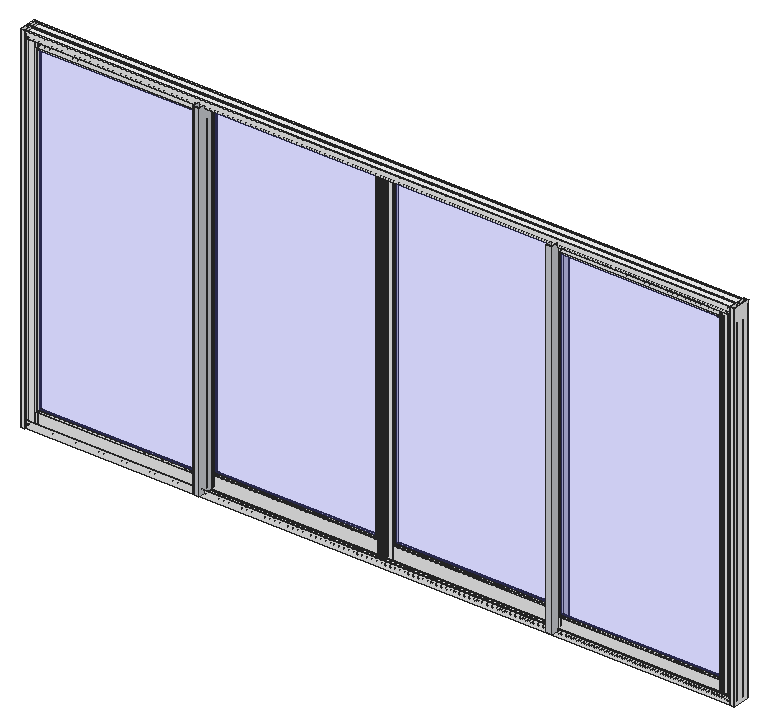
Revit family "Palace_Multi_OXXO_Standard", category Doors, host Wall, Revit 2014
Parameters (values of type "Palace-6024OXXO-2000Pa")
  Windload Design = if(Custom Windload < 1001 mm, 1000 mm, if(Custom Windload < 1501 mm, 1500 mm, 2000 mm))  # 2000 mm
  Width Sash Side [instance] = 1200.5 mm
  Width Sash Middle [instance] = 1200.5 mm
  Width = if(Custom Door Width < Limit Door Width Min, Limit Door Width Min, if(Custom Door Width > Limit Door Width Max, Limit Door Width Max, Custom Door Width))  # 4790 mm
  Wall Thickness [instance] = 200 mm
  URL = "http://www.crealco.co.za/crealco-products.php"
  Toughened Safety U Value = 6.02
  Toughened Safety SHGC Value = 0.725
  Thermal Resistance (R) [instance] = if(IGDB or SAGDB Number = 1000016, 1.0000 (m²·K)/W / Toughened Safety U Value, if(IGDB or SAGDB Number = 100100, 1.0000 (m²·K)/W / Intruderprufe U Value, if(IGDB or SAGDB Number = 103200, 1.0000 (m²·K)/W / Intruderprufe LowE U Value, if(IGDB or SAGDB Number = 105003, 1.0000 (m²·K)/W / Intruderprufe Insulated U Value, if(IGDB or SAGDB Number = 105004, 1.0000 (m²·K)/W / Intruderprufe Insulated LowE U Value, 1.0000 (m²·K)/W / 7.9))))) * 1  # 0.126582 (m²·K)/W
  Solar Heat Gain Coefficient [instance] = if(IGDB or SAGDB Number = 1000016, Toughened Safety SHGC Value, if(IGDB or SAGDB Number = 100100, Intruderprufe SHGC Value, if(IGDB or SAGDB Number = 103200, Intruderprufe LowE SHGC Value, if(IGDB or SAGDB Number = 105003, Intruderprufe Insulated SHGC Value, if(IGDB or SAGDB Number = 105004, Intruderprufe Insulated LowE SHGC Value, 0)))))  # 0
  Single Glazing [instance] = not(Double Glazing)  # yes
  Sash Width Middle = (Width - (Sash Side Gap * 2) - (2 * Sash Width Sides)) / 2 + 39 mm  # 1200.5 mm
  Sash Width Sides = if(Equal Sash Width, (Width - (2 * Sash Side Gap)) / 4 + (39 mm / 2), if(Custom Sash Width Side < Limit Sash Width Side Min, Limit Sash Width Side Min, if(Custom Sash Width Side > Limit Sash Width Side Max, Limit Sash Width Side Max, Custom Sash Width Side)))  # 1200.5 mm
  Sash Sliding Frame Front Back Gap = 9.5 mm  # constant formula
  Sash Height = Height - Sash Bottom Gap - Sash Top Gap  # 2331 mm
  Sash Top Gap = 28 mm  # constant formula
  Sash Side Gap = 33 mm  # constant formula
  Sash Frame Seal = 2.7 mm  # constant formula
  Sash Bottom Gap = 31 mm  # constant formula
  Overall Width [instance] = 4790 mm
  Overall Height [instance] = 2390 mm
  Model = "Palace"  # constant formula
  Meeting Stile Configuration = if(Windload Design = 1000 mm, if(and(not(Width > 3590 mm), not(Height > 2090 mm)), 0 mm, 1 mm), if(Windload Design = 1500 mm, 1 mm, 1 mm))  # 1 mm
  Max System DG Unit Thickness = 25 mm  # constant formula
  Max System DG One Piece Thickness = rounddown((Max System DG Unit Thickness - DG Air Gap Thickness) / 2 mm) * 1 mm  # 6 mm
  Max Pane Area = if(Area Middle Sash Glazing > Area Side Sash Glazing, Area Middle Sash Glazing, Area Side Sash Glazing)  # 2.38383 m²
  Manufacturer = "Crealco"  # constant formula
  Limit Door Width Min = (4 * Limit Sash Width Min) + (2 * Sash Side Gap) - (2 * 39 mm)  # 1188 mm
  Limit Door Width Max = if(Windload Design = 1000 mm, 5990 mm, if(Windload Design = 1500 mm, 5990 mm, if(Height > 2090 mm, 4790 mm, 5990 mm)))  # 4790 mm
  Limit Door Height Min = Limit Sash Height Min + Sash Top Gap + Sash Bottom Gap  # 359 mm
  Limit Door Height Max = 2390 mm  # constant formula
  Limit Sash Width Min = 300 mm  # constant formula
  Limit Sash Width Max = 1500 mm  # constant formula
  Limit Sash Width Side Min = if((Width - (2 * Sash Side Gap) - (2 * Limit Sash Width Max) + (2 * 39 mm)) / 2 < Limit Sash Width Min, Limit Sash Width Min, (Width - (Sash Side Gap * 2) - (2 * Limit Sash Width Max) + (2 * 39 mm)) / 2)  # 901 mm
  Limit Sash Width Side Max = if((Width - (2 * Sash Side Gap) - (2 * Limit Sash Width Min) + (2 * 39 mm)) / 2 > Limit Sash Width Max, Limit Sash Width Max, (Width - (Sash Side Gap * 2) - (2 * Limit Sash Width Min) + (2 mm * 39)) / 2)  # 1500 mm
  Limit Sash Height Min = 300 mm  # constant formula
  Limit Sash Height Max = 2400 mm  # constant formula
  Intruderprufe U Value = 7.9
  Intruderprufe SHGC Value = 0
  Intruderprufe LowE U Value = 7.9
  Intruderprufe LowE SHGC Value = 0
  Intruderprufe Insulated U Value = 3.4
  Intruderprufe Insulated SHGC Value = 0.59
  Intruderprufe Insulated LowE U Value = 2.77
  Intruderprufe Insulated LowE SHGC Value = 0.533
  Interlock Configuration = if(Windload Design = 1000 mm, if(and(not(Width > 3590 mm), not(Height > 2090 mm)), 0 mm, 1 mm), if(Windload Design = 1500 mm, 1 mm, 1 mm))  # 1 mm
  IGDB or SAGDB Number [instance] = 0
  Height Sash [instance] = 2331 mm
  Height = if(Custom Door Height < Limit Door Height Min, Limit Door Height Min, if(Custom Door Height > Limit Door Height Max, Limit Door Height Max, Custom Door Height))  # 2390 mm
  Heat Transfer Coefficient (U) [instance] = if(IGDB or SAGDB Number = 1000016, Toughened Safety U Value, if(IGDB or SAGDB Number = 100100, Intruderprufe U Value, if(IGDB or SAGDB Number = 103200, Intruderprufe LowE U Value, if(IGDB or SAGDB Number = 105003, Intruderprufe Insulated U Value, if(IGDB or SAGDB Number = 105004, Intruderprufe Insulated LowE U Value, 7.9))))) * 1.0000 W/(m²·K)  # 7.9000 W/(m²·K)
  Glazing Thickness DG [instance] = if(IGDB or SAGDB Number = 105003, 6 mm, if(IGDB or SAGDB Number = 105004, 7 mm, if(DG Thickness Calc > Max System DG One Piece Thickness, Max System DG One Piece Thickness, DG Thickness Calc)))  # 6 mm
  Glazing Thickness SG [instance] = if(IGDB or SAGDB Number = 1000016, 5 mm, if(IGDB or SAGDB Number = 100100, 6 mm, if(IGDB or SAGDB Number = 103200, 7 mm, if(not(Max Pane Area > 0.75 m²), 4 mm, if(not(Max Pane Area > 1.50 m²), 4 mm, if(not(Max Pane Area > 2.10 m²), 5 mm, if(not(Max Pane Area > 2.90 m²), 6.4 mm, if(not(Max Pane Area > 4.30 m²), 8 mm, 10 mm))))))))  # 6.4 mm
  Glazing Material [instance] = if(IGDB or SAGDB Number = 1000016, "PFG TOUGHENED SAFETY GLASS 5mm", if(IGDB or SAGDB Number = 100100, "PFG INTRUDERPRUFE 6.38mm", if(IGDB or SAGDB Number = 103200, "PFG INTRUDERPRUFE LOW-E 7.38mm", if(IGDB or SAGDB Number = 105003, "PFG 25mm INTRUDERPRUFE INSULATED GLASS", if(IGDB or SAGDB Number = 105004, "PFG 25mm INTRUDERPRUFE INSULATED GLASS LOW-E", "Unknown")))))  # "Unknown"
  Glazing Finish [instance] = Glass
  Glazing Code [instance] = if(IGDB or SAGDB Number = 1000016, "TSG5", if(IGDB or SAGDB Number = 100100, "LAM01", if(IGDB or SAGDB Number = 103200, "LAM01E", if(IGDB or SAGDB Number = 105003, "IGU25", if(IGDB or SAGDB Number = 105004, "IGU25E", "Unknown")))))  # "Unknown"
  Frame Thickness = 118 mm  # constant formula
  Frame Offset From Exterior [instance] = Frame Thickness / 2  # 59 mm
  Equal Sash Width = yes
  Double Glazing Gasket Material = Double Glazing Gasket Material
  Double Glazing [instance] = no
  Description = "High performance sliding door, OXXO"  # constant formula
  Default Sill Height = 0 mm  # constant formula
  Wall Closure = By host
  DG Thickness Calc = if(not(Max Pane Area > 1.125 m²), 6 mm, if(not(Max Pane Area > 2.25 m²), 6 mm, if(not(Max Pane Area > 3.15 m²), 6 mm, if(not(Max Pane Area > 4.35 m²), 6 mm, if(not(Max Pane Area > 6.45 m²), 8 mm, 10 mm)))))  # 6 mm
  DG Air Gap Thickness = 12 mm  # constant formula
  Custom Door Width = 5990 mm
  Custom Door Height = 2390 mm
  Custom Windload = 2000 mm
  Custom Sash Width Side = 800 mm
  Custom Frame Offset From Exterior = 0 mm
  Centered In Wall = yes
  Area Middle Sash Glazing = (Sash Width Middle - 65 mm - 45 mm) * (Sash Height - 90 mm - 55 mm)  # 2.38383 m²
  Area Side Sash Glazing = (Sash Width Sides - 65 mm - 45 mm) * (Sash Height - 90 mm - 55 mm)  # 2.38383 m²
  Aluminium Finish [instance] = White Powder Coated Aluminium ANP 1052
  All Available Glazing Numbers [instance] = "The rows below list the available glazing materials for this window:"  # constant formula
  105004 [instance] = "IGU25E"  # constant formula
  105003 [instance] = "IGU25"  # constant formula
  103200 [instance] = "LAM01E"  # constant formula
  100100 [instance] = "LAM01"  # constant formula
  1000016 [instance] = "TSG5"  # constant formula
Reference planes
  plane 1 "Center (Front/Back)": y = 0
  plane 2 "Center (Left/Right)": x = 0
  plane 3 "Left": x = -2395
  plane 4 "Right": x = 2395
  plane 5 "Sill": z = 0
  plane 6 "Head": z = 2390
  plane 7 "Exterior": y = 100
  plane 8 "Interior": y = -100
Lines and regions (mm)
  Opening 1
    outline origin (3500, -100, 0) x (1, 0, 0) y (0, 0, 1)
      loop
        line (-1105, 0) -> (-1105, 2390) -> (-5895, 2390) -> (-5895, 0) -> (-1105, 0)
Text (mm)
  text "EXTERIOR" at (-1963.203, 1332.353, 0), in view "Ref. Level"
  text "INTERIOR" at (-1981.466, -818.386, 0), in view "Ref. Level"
  text "Exterior" at (0, 923.751, 2943.296), in view "Right"
  text "Exterior" at (0, 1040.484, 2685.409), in view "Left"
Dimensions and locks
  equal spacing: plane 3 "Left", plane 2 "Center (Left/Right)", plane 4 "Right"
  "Width": plane 3 "Left" to plane 4 "Right"
  "Height": plane 5 "Sill" to plane 6 "Head"
  "Default Sill Height": plane 5 "Sill" to level
  locked: plane 7 "Exterior" to host wall at 0
  locked: plane 8 "Interior" to host wall
  "Overall Height": plane 6 "Head" to plane 5 "Sill"
  "Overall Width": plane 3 "Left" to plane 4 "Right"
  "Frame Offset From Exterior": host wall to nested 1
  "Sash Side Gap": plane 3 "Left" to nested 2
  "Sash Frame Seal": nested 2 to nested 1
  "Sash Side Gap": nested 3 to plane 4 "Right"
  "Sash Frame Seal": nested 1 to nested 3
  "Sash Top Gap": nested 2 to plane 6 "Head"
  "Sash Top Gap": nested 3 to plane 6 "Head"
  "Sash Sliding Frame Front Back Gap": nested 4 to nested 1
  "Sash Top Gap": nested 4 to plane 6 "Head"
  "Sash Sliding Frame Front Back Gap": nested 1 to nested 5
  "Width Sash Side": nested 3 to nested 3
  "Height Sash": nested 3 to nested 3
  "Width Sash Middle": nested 5 to nested 5
  aligned and locked: plane 3 "Left" to nested 1
  aligned and locked: nested 1 to plane 6 "Head"
  aligned and locked: nested 4 to nested 3
  aligned and locked: nested 5 to nested 2
Automatic sketch dimensions
  plane 3 "Left" to Opening 1 sketch curve = 0 mm
  plane 4 "Right" to Opening 1 sketch curve = 0 mm
  Opening 1 sketch curve to plane 5 "Sill" = 0 mm
  Opening 1 sketch curve to plane 6 "Head" = 0 mm
Nested families
  nested 1: "Palace_Frame_Palace_OXXO_Std" at (-2403.868, -56.684, -7.5), Profile Material <- "Aluminium Finish", Width <- "Width", Height <- "Height", type "Palace_Frame_Palace_OXXO_Std"
    with Width 4790 mm, Profile Material White Powder Coated Aluminium ANP 1052, Length Jamb Adaptor 2295 mm, Length Jamb 2390 mm, Length Head & Sill 4730 mm, Length Floor Track 4730 mm, Height 2390 mm
  nested 2: "Palace_Sash_Fixed_Palace_OXXO_Std" at (-1161.5, -5.5, 31), Profile Material <- "Aluminium Finish", Glazing Material <- "Glazing Finish", Double Glazing Gasket Material <- "Double Glazing Gasket Material", Interlock Configuration <- "Interlock Configuration", Sash Width <- "Sash Width Sides", Sash Height <- "Sash Height", Glazing Thickness DG <- "Glazing Thickness DG", Glazing Thickness SG <- "Glazing Thickness SG", DG Gasket Thickness <- "DG Air Gap Thickness", Double Glazing <- "Double Glazing", type "Palace_Sash_Fixed_Palace_OXXO_Std"
    with Standard Interlocker no, Single Glazing yes, Sash Width 1200.5 mm, Sash Height 2331 mm, SG Exterior Offset 26.65 mm, Right Sliding no, Profile Material White Powder Coated Aluminium ANP 1052, Length Sash Head & Sill 1100.5 mm, Length Jamb 2331 mm, Left Sliding no, Is Sliding no, Interlock Configuration 1 mm, Heavy Duty Interlock yes, Glazing Width 1090.5 mm, Glazing Thickness SG 6.4 mm, Glazing Thickness DG 6 mm, Glazing Material Glass, Glazing Height 2186 mm, Double Glazing Gasket Material Double Glazing Gasket Material, Double Glazing no, DG Gasket Thickness 12 mm, DG Exterior Offset 9.9 mm, Bead Width 1100.5 mm, Bead Height 2196 mm
  nested 3: "Palace_Sash_Fixed_Palace_OXXO_Std" at (1161.5, -5.5, 31) x (-1, 0, 0) z (0, 0, 1), Profile Material <- "Aluminium Finish", Glazing Material <- "Glazing Finish", Double Glazing Gasket Material <- "Double Glazing Gasket Material", Interlock Configuration <- "Interlock Configuration", Sash Width <- "Sash Width Sides", Sash Height <- "Sash Height", Glazing Thickness DG <- "Glazing Thickness DG", Glazing Thickness SG <- "Glazing Thickness SG", DG Gasket Thickness <- "DG Air Gap Thickness", Double Glazing <- "Double Glazing", type "Palace_Sash_Fixed_Palace_OXXO_Std"
    with Standard Interlocker no, Single Glazing yes, Sash Width 1200.5 mm, Sash Height 2331 mm, SG Exterior Offset 26.65 mm, Right Sliding no, Profile Material White Powder Coated Aluminium ANP 1052, Length Sash Head & Sill 1100.5 mm, Length Jamb 2331 mm, Left Sliding no, Is Sliding no, Interlock Configuration 1 mm, Heavy Duty Interlock yes, Glazing Width 1090.5 mm, Glazing Thickness SG 6.4 mm, Glazing Thickness DG 6 mm, Glazing Material Glass, Glazing Height 2186 mm, Double Glazing Gasket Material Double Glazing Gasket Material, Double Glazing no, DG Gasket Thickness 12 mm, DG Exterior Offset 9.9 mm, Bead Width 1100.5 mm, Bead Height 2196 mm
  nested 4: "Palace_Sash_Meeting_Palace_OXXO_Std" at (1201.5, 49.5, 31), Profile Material <- "Aluminium Finish", Glazing Material <- "Glazing Finish", Double Glazing Gasket Material <- "Double Glazing Gasket Material", Interlock Configuration <- "Interlock Configuration", Sash Width <- "Sash Width Middle", Sash Height <- "Sash Height", Glazing Thickness DG <- "Glazing Thickness DG", Glazing Thickness SG <- "Glazing Thickness SG", DG Gasket Thickness <- "DG Air Gap Thickness", Meeting Stile Configuration <- "Meeting Stile Configuration", Double Glazing <- "Double Glazing", type "Palace_Sash_Meeting_Palace_OXXO_Std"
    with Standard Interlocker yes, Standard Astragal no, Single Glazing yes, Sash Width 1200.5 mm, Sash Height 2331 mm, SG Exterior Offset 26.65 mm, Right Sliding yes, Profile Material White Powder Coated Aluminium ANP 1052, Meeting Stile Configuration 1 mm, Length Sash Head & Sill 1110.5 mm, Length Jamb & Interlocker 2331 mm, Left Sliding no, Is Sliding yes, Interlock Configuration 1 mm, Heavy Duty Interlock no, Heavy Duty Astragal yes, Has Astragal yes, Glazing Width 1100.5 mm, Glazing Thickness SG 6.4 mm, Glazing Thickness DG 6 mm, Glazing Material Glass, Glazing Height 2186 mm, Double Glazing Gasket Material Double Glazing Gasket Material, Double Glazing no, DG Gasket Thickness 12 mm, DG Exterior Offset 9.9 mm, Bead Width 1110.5 mm, Bead Height 2196 mm
  nested 5: "Palace_Sash_Meeting_Palace_OXXO_Std" at (-1201.5, 49.5, 31) x (-1, 0, 0) z (0, 0, 1), Profile Material <- "Aluminium Finish", Glazing Material <- "Glazing Finish", Double Glazing Gasket Material <- "Double Glazing Gasket Material", Interlock Configuration <- "Interlock Configuration", Sash Width <- "Sash Width Middle", Sash Height <- "Sash Height", Glazing Thickness DG <- "Glazing Thickness DG", Glazing Thickness SG <- "Glazing Thickness SG", DG Gasket Thickness <- "DG Air Gap Thickness", Meeting Stile Configuration <- "Meeting Stile Configuration", Double Glazing <- "Double Glazing", type "Palace_Sash_Meeting_Palace_OXXO_Std"
    with Standard Interlocker yes, Standard Astragal no, Single Glazing yes, Sash Width 1200.5 mm, Sash Height 2331 mm, SG Exterior Offset 26.65 mm, Right Sliding yes, Profile Material White Powder Coated Aluminium ANP 1052, Meeting Stile Configuration 1 mm, Length Sash Head & Sill 1110.5 mm, Length Jamb & Interlocker 2331 mm, Left Sliding no, Is Sliding yes, Interlock Configuration 1 mm, Heavy Duty Interlock no, Heavy Duty Astragal no, Has Astragal no, Glazing Width 1100.5 mm, Glazing Thickness SG 6.4 mm, Glazing Thickness DG 6 mm, Glazing Material Glass, Glazing Height 2186 mm, Double Glazing Gasket Material Double Glazing Gasket Material, Double Glazing no, DG Gasket Thickness 12 mm, DG Exterior Offset 9.9 mm, Bead Width 1110.5 mm, Bead Height 2196 mm
  nested 6: "Single_Glazing_Palace_OXXO_Std" at (-2297, -38.55, 121) x (-1, 0, 0) z (0, 0, 1), type "Single_Glazing_Palace_OXXO_Std"
    with Right Sliding no, Length Arrow Tip 99.99 mm, Length Arrow 329.967 mm, Left Sliding no, Is Sliding no, Glazing Width 1090.5 mm, Glazing Thickness SG 6.4 mm, Glazing Material Glass, Glazing Height 2186 mm, Double Glazing Gasket Material Double Glazing Gasket Material, Arrow Tip Length 99.99 mm, Arrow Left Gap 380.267 mm, Arrow Bottom Gap 1093 mm
  nested 7: "Single_Glazing_Palace_OXXO_Std" at (2297, -38.55, 121), type "Single_Glazing_Palace_OXXO_Std"
    with Right Sliding no, Length Arrow Tip 99.99 mm, Length Arrow 329.967 mm, Left Sliding no, Is Sliding no, Glazing Width 1090.5 mm, Glazing Thickness SG 6.4 mm, Glazing Material Glass, Glazing Height 2186 mm, Double Glazing Gasket Material Double Glazing Gasket Material, Arrow Tip Length 99.99 mm, Arrow Left Gap 380.267 mm, Arrow Bottom Gap 1093 mm
  nested 8: "Single_Glazing_Palace_OXXO_Std" at (56, 16.45, 121) x (-1, 0, 0) z (0, 0, 1), type "Single_Glazing_Palace_OXXO_Std"
    with Right Sliding yes, Length Arrow Tip 101 mm, Length Arrow 333.3 mm, Left Sliding no, Is Sliding yes, Glazing Width 1100.5 mm, Glazing Thickness SG 6.4 mm, Glazing Material Glass, Glazing Height 2186 mm, Double Glazing Gasket Material Double Glazing Gasket Material, Arrow Tip Length 101 mm, Arrow Left Gap 383.6 mm, Arrow Bottom Gap 1093 mm
  nested 9: "Single_Glazing_Palace_OXXO_Std" at (-56, 16.45, 121), type "Single_Glazing_Palace_OXXO_Std"
    with Right Sliding yes, Length Arrow Tip 101 mm, Length Arrow 333.3 mm, Left Sliding no, Is Sliding yes, Glazing Width 1100.5 mm, Glazing Thickness SG 6.4 mm, Glazing Material Glass, Glazing Height 2186 mm, Double Glazing Gasket Material Double Glazing Gasket Material, Arrow Tip Length 101 mm, Arrow Left Gap 383.6 mm, Arrow Bottom Gap 1093 mm
Definition of nested family "Palace_Frame_Palace_OXXO_Std"
  Parameters (values of type "Palace_Frame_OXXO")
    Width [instance] = 900 mm
    Profile Material [instance] = none
    Length Jamb Adaptor [instance] = Height - Jamb Adaptor Top Gap - Jamb Adaptor Bottom Gap  # 505 mm
    Length Jamb [instance] = Height  # 600 mm
    Length Head & Sill [instance] = Width - (2 * Jamb Thickness)  # 840 mm
    Length Floor Track [instance] = Width - (2 * Jamb Thickness)  # 840 mm
    Jamb Thickness = 30 mm  # constant formula
    Jamb Adaptor Top Gap = 45 mm  # constant formula
    Jamb Adaptor Bottom Gap = 50 mm  # constant formula
    Height [instance] = 600 mm
  Reference planes
    plane 1 "Center (Front/Back)": y = 0
    plane 2: z = 0
    plane 3 "Center (Left/Right)": x = 0
  Dimensions and locks
    nested 7 to plane 3 "Center (Left/Right)" = 38.869 mm
    aligned and locked: level to plane 2
    aligned and locked: nested 2 to nested 6
    aligned and locked: nested 5 to nested 1  (x2)
    aligned and locked: nested 3 to nested 1  (x2)
    aligned and locked: nested 2 to nested 3  (x2)
    aligned and locked: nested 3 to nested 2
    aligned and locked: nested 4 to nested 1  (x3)
    aligned and locked: nested 1 to nested 3
    aligned and locked: nested 7 to nested 3  (x2)
    aligned and locked: nested 3 to nested 8
    aligned and locked: nested 8 to nested 3  (x2)
    aligned and locked: nested 3 to nested 7
    aligned and locked: nested 5 to nested 4
    aligned and locked: nested 6 to nested 4
    aligned and locked: nested 6 to nested 2
  Nested families
    nested 1: "Palace_Double_Box_Jamb" at (1.053, -8.811, 7.5), Length Jamb <- "Length Jamb", Profile Material <- "Profile Material", type "Palace_Double_Box_Jamb"
      with Profile Material none, Length Jamb 600 mm
    nested 2: "Palace_Double_Box_Jamb" at (916.684, -8.811, 7.5) x (-1, 0, 0) z (0, 0, 1), Length Jamb <- "Length Jamb", Profile Material <- "Profile Material", type "Palace_Double_Box_Jamb"
      with Profile Material none, Length Jamb 600 mm
    nested 3: "Palace_Double_Sill_Rail" at (38.869, -45.047, -36.227), Length Sill <- "Length Head & Sill", Profile Material <- "Profile Material", type "Palace_Double_Sill_Rail"
      with Profile Material none, Length Sill 840 mm
    nested 4: "Palace_Double_Head_Rail" at (38.869, -51.007, 18.108), Length Head <- "Length Head & Sill", Profile Material <- "Profile Material", type "Palace_Double_Head_Rail"
      with Profile Material none, Length Head 840 mm
    nested 5: "Palace_Jamb_Adpator" at (33.82, -10.517, 57.5), Length Jamb Adaptor <- "Length Jamb Adaptor", Profile Material <- "Profile Material", type "Palace_Jamb_Adpator"
      with Profile Material none, Length Jamb Adaptor 505 mm
    nested 6: "Palace_Jamb_Adpator" at (883.918, -10.517, 57.5) x (-1, 0, 0) z (0, 0, 1), Length Jamb Adaptor <- "Length Jamb Adaptor", Profile Material <- "Profile Material", type "Palace_Jamb_Adpator"
      with Profile Material none, Length Jamb Adaptor 505 mm
    nested 7: "Palace_Floor_Track" at (38.869, 11.493, 18.85), Profile Material <- "Profile Material", Length Floor Track <- "Length Floor Track", type "Palace_Floor_Track"
      with Profile Material none, Length Floor Track 840 mm
    nested 8: "Palace_Floor_Track" at (38.869, 101.375, 18.85), Profile Material <- "Profile Material", Length Floor Track <- "Length Floor Track", type "Palace_Floor_Track"
      with Profile Material none, Length Floor Track 840 mm
  Definition of nested family "Palace_Double_Box_Jamb"
    Parameters (values of type "Palace_Double_Box_Jamb")
      Profile Material [instance] = none
      Length Jamb [instance] = 250 mm
    Reference planes
      plane 1 "Center (Front/Back)": y = 0
      plane 2: z = 0
      plane 3 "Center (Left/Right)": x = 0
    Forms (mm)
      Extrusion 1, solid, material <- "Profile Material"
        sketch origin (0, 0, 0) x (1, 0, 0) y (0, 1, 0)
          loop
            line (35.815, 71.242) -> (35.815, 114.749)
            arc (35.815, 114.749) -> (35.945, 115.42) -> (36.315, 115.994) r 1.8
            line (36.315, 115.994) -> (36.315, 122.995) -> (9.315, 122.995) -> (9.315, 66.195) -> (36.315, 66.195) -> (36.315, 69.997)
            arc (36.315, 69.997) -> (35.945, 70.571) -> (35.815, 71.242) r 1.8
          loop
            line (8.815, 6.495) -> (38.815, 6.495) -> (38.815, 7.495) -> (37.816, 7.495) -> (37.816, 15.287) -> (37.315, 16.242) -> (37.315, 59.822) -> (37.815, 60.775) -> (37.815, 70.288) -> (37.315, 71.242) -> (37.315, 114.822) -> (37.815, 115.775) -> (37.815, 123.495) -> (38.815, 123.495) -> (38.815, 124.495) -> (8.815, 124.495)
            arc (8.815, 124.495) -> (8.108, 124.202) -> (7.815, 123.495) r 1
            line (7.815, 123.495) -> (7.815, 7.495)
            arc (7.815, 7.495) -> (8.108, 6.788) -> (8.815, 6.495) r 1
          loop
            line (36.315, 60.994) -> (36.315, 64.795) -> (9.315, 64.795) -> (9.315, 7.995) -> (36.317, 7.995) -> (36.317, 14.995)
            arc (36.317, 14.995) -> (35.945, 15.569) -> (35.815, 16.242) r 1.8
            line (35.815, 16.242) -> (35.815, 59.749)
            arc (35.815, 59.749) -> (35.945, 60.42) -> (36.315, 60.994) r 1.8
        from 0 to 250 <- "Length Jamb"
    Dimensions and locks
      aligned and locked: level to plane 2
  Definition of nested family "Palace_Double_Sill_Rail"
    Parameters (values of type "Palace_Double_Sill_Rail")
      Profile Material [instance] = none
      Length Sill [instance] = 250 mm
    Reference planes
      plane 1 "Center (Front/Back)": y = 0
      plane 2: z = 0
      plane 3 "Center (Left/Right)": x = 0
    Forms (mm)
      Extrusion 1, solid, material <- "Profile Material"
        sketch origin (0, 0, 0) x (0, 1, 0) y (0, 0, 1)
          loop
            arc (48.531, 91.477) -> (49.031, 90.977) -> (49.531, 91.477) r 0.5
            line (49.531, 91.477) -> (49.531, 93.727) -> (43.731, 93.727) -> (43.731, 43.727) -> (49.531, 43.727) -> (49.531, 45.127) -> (45.531, 45.127) -> (45.531, 64.882)
            arc (45.531, 64.882) -> (45.842, 65.607) -> (46.583, 65.88) r 1
            line (46.583, 65.88) -> (57.096, 65.329)
            arc (57.096, 65.329) -> (58.577, 64.647) -> (59.181, 63.132) r 2.2
            line (59.181, 63.132) -> (59.181, 60.472)
            arc (59.181, 60.472) -> (59.796, 58.987) -> (61.281, 58.372) r 2.1
            line (61.281, 58.372) -> (83.695, 58.372)
            arc (83.695, 58.372) -> (84.71, 57.86) -> (85.831, 57.672) r 3.787
            line (85.831, 57.672) -> (87.581, 57.672)
            arc (87.581, 57.672) -> (89.961, 58.613) -> (91.165, 60.872) r 3.711
            line (91.165, 60.872) -> (100.931, 60.872) -> (100.931, 45.137) -> (98.931, 45.137) -> (98.931, 43.737) -> (104.531, 43.737) -> (104.531, 45.137) -> (102.531, 45.137) -> (102.531, 60.872) -> (114.181, 60.872) -> (114.181, 58.372) -> (138.695, 58.372)
            arc (138.695, 58.372) -> (139.71, 57.86) -> (140.831, 57.672) r 3.787
            line (140.831, 57.672) -> (142.581, 57.672)
            arc (142.581, 57.672) -> (144.881, 58.544) -> (146.13, 60.663) r 3.711
            line (146.13, 60.663) -> (157.931, 60.045) -> (157.931, 45.127) -> (153.931, 45.127) -> (153.931, 43.727) -> (159.731, 43.727) -> (159.731, 59.57)
            arc (159.731, 59.57) -> (159.099, 61.154) -> (157.551, 61.867) r 2.3
            line (157.551, 61.867) -> (142.481, 62.657) -> (142.481, 61.672) -> (144.38, 61.337)
            arc (144.38, 61.337) -> (143.876, 60.022) -> (142.581, 59.472) r 1.8
            line (142.581, 59.472) -> (140.831, 59.472)
            arc (140.831, 59.472) -> (140.037, 59.656) -> (139.406, 60.172) r 1.8
            line (139.406, 60.172) -> (115.981, 60.172) -> (115.981, 62.672) -> (87.481, 62.672) -> (87.481, 61.672) -> (89.38, 61.337)
            arc (89.38, 61.337) -> (88.876, 60.022) -> (87.581, 59.472) r 1.8
            line (87.581, 59.472) -> (85.831, 59.472)
            arc (85.831, 59.472) -> (85.037, 59.656) -> (84.406, 60.172) r 1.8
            line (84.406, 60.172) -> (60.981, 60.172) -> (60.981, 63.132)
            arc (60.981, 63.132) -> (59.882, 65.886) -> (57.19, 67.127) r 4
            line (57.19, 67.127) -> (46.478, 67.688)
            arc (46.478, 67.688) -> (45.805, 67.999) -> (45.531, 68.687) r 1
            line (45.531, 68.687) -> (45.531, 83.727) -> (49.531, 83.727) -> (49.531, 85.977)
            arc (49.531, 85.977) -> (49.031, 86.477) -> (48.531, 85.977) r 0.5
            line (48.531, 85.977) -> (48.531, 84.977) -> (47.331, 84.977) -> (47.331, 86.477) -> (45.731, 86.477) -> (45.731, 90.977) -> (47.331, 90.977) -> (47.331, 92.477) -> (48.531, 92.477) -> (48.531, 91.477)
        from 0 to 250 <- "Length Sill"
    Dimensions and locks
      aligned and locked: level to plane 2
  Definition of nested family "Palace_Double_Head_Rail"
    Parameters (values of type "Palace_Double_Head_Rail")
      Profile Material [instance] = none
      Length Head [instance] = 250 mm
    Reference planes
      plane 1 "Center (Front/Back)": y = 0
      plane 2: z = 0
      plane 3 "Center (Left/Right)": x = 0
    Forms (mm)
      Extrusion 1, solid, material <- "Profile Material"
        sketch origin (0, 0, 0) x (0, 1, 0) y (0, 0, 1)
          loop
            arc (51.891, 581.192) -> (51.467, 581.368) -> (51.291, 581.792) r 0.6
            line (51.291, 581.792) -> (51.291, 587.392)
            arc (51.291, 587.392) -> (51.467, 587.816) -> (51.891, 587.992) r 0.6
            line (51.891, 587.992) -> (55.491, 587.992) -> (55.491, 589.392) -> (49.691, 589.392) -> (49.691, 544.392) -> (55.491, 544.392) -> (55.491, 546.642)
            arc (55.491, 546.642) -> (54.991, 547.142) -> (54.491, 546.642) r 0.5
            line (54.491, 546.642) -> (54.491, 545.642) -> (53.291, 545.642) -> (53.291, 547.142) -> (51.691, 547.142) -> (51.691, 551.642) -> (53.291, 551.642) -> (53.291, 553.142) -> (54.491, 553.142) -> (54.491, 552.142)
            arc (54.491, 552.142) -> (54.991, 551.642) -> (55.491, 552.142) r 0.5
            line (55.491, 552.142) -> (55.491, 554.392) -> (51.491, 554.392) -> (51.491, 579.392) -> (106.791, 579.392) -> (106.791, 554.392) -> (104.891, 554.392) -> (104.891, 552.142)
            arc (104.891, 552.142) -> (105.391, 551.642) -> (105.891, 552.142) r 0.5
            line (105.891, 552.142) -> (105.891, 553.142) -> (107.091, 553.142) -> (107.091, 545.642) -> (105.891, 545.642) -> (105.891, 546.642)
            arc (105.891, 546.642) -> (105.391, 547.142) -> (104.891, 546.642) r 0.5
            line (104.891, 546.642) -> (104.891, 544.392) -> (110.491, 544.392) -> (110.491, 546.642)
            arc (110.491, 546.642) -> (109.991, 547.142) -> (109.491, 546.642) r 0.5
            line (109.491, 546.642) -> (109.491, 545.642) -> (108.291, 545.642) -> (108.291, 553.142) -> (109.491, 553.142) -> (109.491, 552.142)
            arc (109.491, 552.142) -> (109.991, 551.642) -> (110.491, 552.142) r 0.5
            line (110.491, 552.142) -> (110.491, 554.392) -> (108.591, 554.392) -> (108.591, 579.392) -> (163.891, 579.392) -> (163.891, 554.392) -> (159.891, 554.392) -> (159.891, 552.142)
            arc (159.891, 552.142) -> (160.391, 551.642) -> (160.891, 552.142) r 0.5
            line (160.891, 552.142) -> (160.891, 553.142) -> (162.091, 553.142) -> (162.091, 551.642) -> (163.691, 551.642) -> (163.691, 547.142) -> (162.091, 547.142) -> (162.091, 545.642) -> (160.891, 545.642) -> (160.891, 546.642)
            arc (160.891, 546.642) -> (160.391, 547.142) -> (159.891, 546.642) r 0.5
            line (159.891, 546.642) -> (159.891, 544.392) -> (165.691, 544.392) -> (165.691, 589.392) -> (159.891, 589.392) -> (159.891, 587.992) -> (163.491, 587.992)
            arc (163.491, 587.992) -> (163.915, 587.816) -> (164.091, 587.392) r 0.6
            line (164.091, 587.392) -> (164.091, 581.792)
            arc (164.091, 581.792) -> (163.915, 581.368) -> (163.491, 581.192) r 0.6
            line (163.491, 581.192) -> (108.491, 581.192) -> (108.491, 587.992) -> (110.491, 587.992) -> (110.491, 589.392) -> (104.891, 589.392) -> (104.891, 587.992) -> (106.891, 587.992) -> (106.891, 581.192) -> (51.891, 581.192)
        from 0 to 250 <- "Length Head"
    Dimensions and locks
      aligned and locked: level to plane 2
  Definition of nested family "Palace_Jamb_Adpator"
    Parameters (values of type "Palace_Jamb_Adpator")
      Profile Material [instance] = none
      Length Jamb Adaptor [instance] = 250 mm
    Reference planes
      plane 1 "Center (Front/Back)": y = 0
      plane 2: z = 0
      plane 3 "Center (Left/Right)": x = 0
    Forms (mm)
      Extrusion 1, solid, material <- "Profile Material"
        sketch origin (0, 0, 0) x (1, 0, 0) y (0, 1, 0)
          loop
            line (12.699, 15.001) -> (10.449, 15.001) -> (10.449, 10.801) -> (6.449, 10.801) -> (6.449, 68.601) -> (10.449, 68.601) -> (10.449, 64.401) -> (12.699, 64.401)
            arc (12.699, 64.401) -> (13.199, 64.901) -> (12.699, 65.401) r 0.5
            line (12.699, 65.401) -> (11.699, 65.401) -> (11.699, 66.601) -> (13.199, 66.601) -> (13.199, 68.201) -> (17.699, 68.201) -> (17.699, 66.601) -> (19.199, 66.601) -> (19.199, 65.401) -> (18.199, 65.401)
            arc (18.199, 65.401) -> (17.699, 64.901) -> (18.199, 64.401) r 0.5
            line (18.199, 64.401) -> (20.449, 64.401) -> (20.449, 70.201) -> (5.049, 70.201) -> (5.049, 62.201) -> (4.589, 61.255) -> (4.589, 17.997) -> (5.049, 17.201) -> (5.049, 9.201) -> (20.449, 9.201) -> (20.449, 15.001) -> (18.199, 15.001)
            arc (18.199, 15.001) -> (17.699, 14.501) -> (18.199, 14.001) r 0.5
            line (18.199, 14.001) -> (19.199, 14.001) -> (19.199, 12.801) -> (17.699, 12.801) -> (17.699, 11.201) -> (13.199, 11.201) -> (13.199, 12.801) -> (11.699, 12.801) -> (11.699, 14.001) -> (12.699, 14.001)
            arc (12.699, 14.001) -> (13.199, 14.501) -> (12.699, 15.001) r 0.5
        from 0 to 250 <- "Length Jamb Adaptor"
    Lines and regions (mm)
      Filled region 1, type "W31590.dwg-1", in view "Ref. Level"
        outline origin (0, 0, 0) x (1, 0, 0) y (0, 1, 0)
          loop
            line (1485.097, 203.54) -> (1485.514, 201.04) -> (1485.931, 203.54) -> (1485.097, 203.54)
      Filled region 2, type "W31590.dwg-1", in view "Ref. Level"
        outline origin (0, 0, 0) x (1, 0, 0) y (0, 1, 0)
          loop
            line (1485.097, 213.94) -> (1485.931, 213.94) -> (1485.514, 216.44) -> (1485.097, 213.94)
      Filled region 3, type "W31590.dwg-1", in view "Ref. Level"
        outline origin (0, 0, 0) x (1, 0, 0) y (0, 1, 0)
          loop
            line (1498.155, 225.975) -> (1495.655, 225.559) -> (1498.155, 225.142) -> (1498.155, 225.975)
      Filled region 4, type "W31590.dwg-1", in view "Ref. Level"
        outline origin (0, 0, 0) x (1, 0, 0) y (0, 1, 0)
          loop
            line (1554.155, 225.975) -> (1554.155, 225.142) -> (1556.655, 225.559) -> (1554.155, 225.975)
    Text (mm)
      text "15.40" at (1483.014, 228.748, 0), in view "Ref. Level"
      text "61.00" at (1526.155, 228.059, 0), in view "Ref. Level"
    Dimensions and locks
      aligned and locked: level to plane 2
  Definition of nested family "Palace_Floor_Track"
    Parameters (values of type "Palace_Floor_Track")
      Profile Material [instance] = none
      Length Floor Track [instance] = 250 mm
    Reference planes
      plane 1 "Center (Front/Back)": y = 0
      plane 2: z = 0
      plane 3 "Center (Left/Right)": x = 0
    Forms (mm)
      Extrusion 1, solid, material <- "Profile Material"
        sketch origin (0, 0, 0) x (0, 1, 0) y (0, 0, 1)
          loop
            line (14.691, 12.348) -> (14.691, 7.595) -> (4.441, 7.595) -> (4.441, 5.095) -> (30.441, 5.095) -> (30.441, 7.595) -> (20.191, 7.595) -> (20.191, 12.348)
            arc (20.191, 12.348) -> (17.441, 15.098) -> (14.691, 12.348) r 2.75
        from 0 to 250 <- "Length Floor Track"
    Dimensions and locks
      aligned and locked: level to plane 2
Definition of nested family "Palace_Sash_Fixed_Palace_OXXO_Std"
  Parameters (values of type "Palace_Sash_Fixed")
    Standard Interlocker [instance] = if(Interlock Configuration = 0 mm, 1 = 1, 1 = 0)  # no
    Single Glazing [instance] = not(Double Glazing)  # yes
    Sill Height = 85 mm
    SG Exterior Offset [instance] = Back Glazing Pillar Gap - SG Available Space + ((SG Available Space - Glazing Thickness SG) / 2)  # 27.85 mm
    SG Available Space = 12.9 mm  # constant formula
    Length Jamb [instance] = Sash Height  # 900 mm
    Jamb Width = 60 mm  # constant formula
    Heavy Duty Interlock [instance] = if(or(Interlock Configuration = 1 mm, Interlock Configuration = 2 mm), 1 = 1, 1 = 0)  # yes
    Interlocker Width = 40 mm  # constant formula
    Interlock Configuration [instance] = 1 mm
    Sash Width [instance] = 900 mm
    Sash Height [instance] = 900 mm
    Right Sliding [instance] = yes
    Profile Material [instance] = White Powder Coated Aluminium ANP 1052
    Length Sash Head & Sill [instance] = Sash Width - Interlocker Width - Jamb Width  # 800 mm
    Left Sliding [instance] = yes
    Is Sliding [instance] = if(or(Right Sliding, Left Sliding), 1 = 1, 1 = 2)  # yes
    Head Height = 50 mm  # constant formula
    Glazing Width [instance] = Sash Width - Glazing Jamb Gap - Glazing Interlocker Gap  # 790 mm
    Glazing Thickness DG [instance] = 3 mm
    Glazing Thickness SG [instance] = 4 mm
    Glazing Spacer = 5 mm  # constant formula
    Glazing Sill Gap = Sill Height + Glazing Spacer  # 90 mm
    Glazing Material [instance] = Glass
    Glazing Jamb Gap = Jamb Width + Glazing Spacer  # 65 mm
    Glazing Interlocker Gap = Interlocker Width + Glazing Spacer  # 45 mm
    Glazing Height [instance] = Sash Height - Glazing Head Gap - Glazing Sill Gap  # 755 mm
    Glazing Head Gap = Head Height + Glazing Spacer  # 55 mm
    DG Gasket Thickness [instance] = 12 mm
    Double Glazing Gasket Material [instance] = none
    Double Glazing [instance] = no
    DG Exterior Offset [instance] = Back Glazing Pillar Gap - DG Available Space + ((DG Available Space - ((Glazing Thickness DG * 2) + DG Gasket Thickness)) / 2)  # 12.9 mm
    DG Available Space = 28.8 mm  # constant formula
    Bead Width [instance] = Sash Width - Interlocker Width - Jamb Width  # 800 mm
    Bead Height [instance] = Sash Height - Sill Height - Head Height  # 765 mm
    Bead Gap From Exterior = 10.4 mm  # constant formula
    Back Glazing Pillar Gap = 36.3 mm  # constant formula
  Reference planes
    plane 1 "Center (Front/Back)": y = 0
    plane 2: z = 0
    plane 3 "Center (Left/Right)": x = 0
  Dimensions and locks
    "Interlocker Width": nested 3 to plane 3 "Center (Left/Right)"
    "Interlocker Width": nested 4 to plane 3 "Center (Left/Right)"
    "Sash Height": nested 4 to level
    "Interlocker Width": nested 5 to plane 3 "Center (Left/Right)"
    "Sill Height": nested 5 to level
    "Bead Gap From Exterior": nested 5 to plane 1 "Center (Front/Back)"
    "Interlocker Width": nested 6 to plane 3 "Center (Left/Right)"
    "Bead Gap From Exterior": nested 6 to plane 1 "Center (Front/Back)"
    "Sill Height": nested 6 to level
    "Glazing Interlocker Gap": nested 7 to plane 3 "Center (Left/Right)"
    "Glazing Sill Gap": nested 7 to level
    "SG Exterior Offset": nested 7 to plane 1 "Center (Front/Back)"
    "Glazing Interlocker Gap": nested 8 to plane 3 "Center (Left/Right)"
    "DG Exterior Offset": nested 8 to plane 1 "Center (Front/Back)"
    "Glazing Sill Gap": nested 8 to level
    "Sash Width": nested 2 to plane 3 "Center (Left/Right)"
    aligned and locked: level to plane 2
    aligned and locked: nested 1 to plane 1 "Center (Front/Back)"
    aligned and locked: plane 3 "Center (Left/Right)" to nested 1
    aligned and locked: nested 2 to plane 1 "Center (Front/Back)"
    aligned and locked: nested 2 to level
    aligned and locked: nested 1 to level
    aligned and locked: nested 3 to plane 1 "Center (Front/Back)"
    aligned and locked: nested 4 to plane 1 "Center (Front/Back)"
    aligned and locked: nested 3 to level
    aligned and locked: nested 9 to plane 1 "Center (Front/Back)"
    aligned and locked: plane 3 "Center (Left/Right)" to nested 9
    aligned and locked: nested 9 to level
  Nested families
    nested 1: "Palace_Fixed_Interlocker" at (-70.171, -62.024, 0), Profile Material <- "Profile Material", Length Interlocker <- "Length Jamb", visible <- "Standard Interlocker", type "Palace_Fixed_Interlocker"
      with Profile Material White Powder Coated Aluminium ANP 1052, Length Interlocker 900 mm
    nested 2: "Palace_Sash_Jamb" at (-904.68, 15.626, 0) x (0, -1, 0) z (0, 0, 1), Profile Material <- "Profile Material", Length Jamb <- "Length Jamb", type "Palace_Sash_Jamb"
      with Profile Material White Powder Coated Aluminium ANP 1052, Length Jamb 900 mm
    nested 3: "Palace_Sash_Sill" at (-840, -51.791, -7.573), Profile Material <- "Profile Material", Length Sill <- "Length Sash Head & Sill", type "Palace_Sash_Sill"
      with Profile Material White Powder Coated Aluminium ANP 1052, Length Sill 800 mm
    nested 4: "Palace_Sash_Head" at (-840, -69.85, 642.265), Length Head <- "Length Sash Head & Sill", Profile Material <- "Profile Material", type "Palace_Sash_Head"
      with Profile Material White Powder Coated Aluminium ANP 1052, Length Head 800 mm
    nested 5: "Palace_Angled_Glazing_Bead" at (-40, -23.399, 85) x (-1, 0, 0) z (0, 0, 1), Bead Width <- "Bead Width", Bead Height <- "Bead Height", Profile Material <- "Profile Material", visible <- "Single Glazing", type "Palace_Angled_Glazing_Bead"
      with Profile Material White Powder Coated Aluminium ANP 1052, Bead Width 800 mm, Bead Height 765 mm
    nested 6: "Palace_Double_Glazing_Bead" at (-40, -26.3, 85) x (-1, 0, 0) z (0, 0, 1), Bead Width <- "Bead Width", Bead Height <- "Bead Height", Profile Material <- "Profile Material", visible <- "Double Glazing", type "Palace_Double_Glazing_Bead"
      with Profile Material White Powder Coated Aluminium ANP 1052, Bead Width 800 mm, Bead Height 765 mm
    nested 7: "Single_Glazing_Palace_OXXO_Std" at (-835, -31.85, 90) x (-1, 0, 0) z (0, 0, 1), Right Sliding <- "Right Sliding", Left Sliding <- "Left Sliding", Glazing Width <- "Glazing Width", Glazing Height <- "Glazing Height", Double Glazing Gasket Material <- "Double Glazing Gasket Material", Glazing Material <- "Glazing Material", Glazing Thickness SG <- "Glazing Thickness SG", visible <- "Single Glazing", type "Single_Glazing_Palace_OXXO_Std"
      with Right Sliding yes, Length Arrow Tip 69.636 mm, Length Arrow 229.8 mm, Left Sliding yes, Is Sliding yes, Glazing Width 790 mm, Glazing Thickness SG 4 mm, Glazing Material Glass, Glazing Height 755 mm, Double Glazing Gasket Material none, Arrow Tip Length 69.636 mm, Arrow Left Gap 280.1 mm, Arrow Bottom Gap 377.5 mm
    nested 8: "Double_Glazing_Palace_OXXO_Std" at (-835, -30.9, 90) x (-1, 0, 0) z (0, 0, 1), Glazing Width <- "Glazing Width", Glazing Height <- "Glazing Height", Glazing Material <- "Glazing Material", Double Glazing Gasket Material <- "Double Glazing Gasket Material", Double Glazing Gasket Thickness <- "DG Gasket Thickness", Glazing Thickness DG <- "Glazing Thickness DG", visible <- "Double Glazing", Right Sliding <- "Right Sliding", Left Sliding <- "Left Sliding", type "Double_Glazing_Palace_OXXO_Std"
      with Right Sliding yes, Length Arrow Tip 69.636 mm, Length Arrow 229.8 mm, Left Sliding yes, Is Sliding yes, Glazing Width 790 mm, Glazing Thickness DG 3 mm, Glazing Material Glass, Glazing Height 755 mm, Double Glazing Gasket Thickness 12 mm, Double Glazing Gasket Material none, Arrow Tip Length 69.636 mm, Arrow Left Gap 280.1 mm, Arrow Bottom Gap 377.5 mm
    nested 9: "Palace_Heavy_Duty_Fixed_Interlocker" at (-63.697, -103.267, 0), Length Interlocker <- "Length Jamb", visible <- "Heavy Duty Interlock", type "Palace_Heavy_Duty_Fixed_Interlocker"
      with Length Interlocker 900 mm
  Definition of nested family "Palace_Fixed_Interlocker"
    Parameters (values of type "Palace_Fixed_Interlocker")
      Profile Material [instance] = none
      Length Interlocker [instance] = 250 mm
    Reference planes
      plane 1 "Center (Front/Back)": y = 0
      plane 2: z = 0
      plane 3 "Center (Left/Right)": x = 0
    Forms (mm)
      Extrusion 1, solid, material <- "Profile Material"
        sketch origin (0, 0, 0) x (1, 0, 0) y (0, 1, 0)
          loop
            line (67.671, 64.71) -> (67.671, 62.024) -> (30.171, 62.024) -> (30.171, 52.332)
            arc (30.171, 52.332) -> (30.649, 51.833) -> (31.169, 52.289) r 0.5
            line (31.169, 52.289) -> (31.277, 53.524) -> (32.771, 53.524) -> (32.771, 35.024) -> (31.408, 35.024) -> (31.169, 37.759)
            arc (31.169, 37.759) -> (30.649, 38.214) -> (30.171, 37.715) r 0.5
            line (30.171, 37.715) -> (30.171, 24.824) -> (19.271, 24.824) -> (18.571, 24.424) -> (16.371, 24.424) -> (16.371, 25.724) -> (15.171, 25.724) -> (15.171, 23.024) -> (30.171, 23.024) -> (30.171, 18.024) -> (68.371, 18.024)
            arc (68.371, 18.024) -> (69.643, 18.551) -> (70.171, 19.824) r 1.8
            line (70.171, 19.824) -> (70.171, 62.024) -> (70.171, 69.324)
            arc (70.171, 69.324) -> (69.731, 70.384) -> (68.671, 70.824) r 1.5
            line (68.671, 70.824) -> (67.171, 70.824)
            arc (67.171, 70.824) -> (66.671, 70.324) -> (67.171, 69.824) r 0.5
            line (67.171, 69.824) -> (67.971, 69.824) -> (67.971, 68.624) -> (60.871, 68.624) -> (60.871, 69.824) -> (61.671, 69.824)
            arc (61.671, 69.824) -> (62.171, 70.324) -> (61.671, 70.824) r 0.5
            line (61.671, 70.824) -> (58.671, 70.824) -> (58.071, 70.324) -> (48.771, 70.324)
            arc (48.771, 70.324) -> (48.172, 69.766) -> (48.687, 69.13) r 0.6
            line (48.687, 69.13) -> (65.95, 66.691)
            arc (65.95, 66.691) -> (67.181, 66.022) -> (67.671, 64.71) r 2
          loop
            line (33.171, 33.224) -> (31.971, 33.224) -> (31.971, 19.824) -> (68.371, 19.824) -> (68.371, 60.024) -> (31.971, 60.024) -> (31.971, 55.324) -> (33.171, 55.324)
            arc (33.171, 55.324) -> (34.161, 54.914) -> (34.571, 53.924) r 1.4
            line (34.571, 53.924) -> (34.571, 34.624)
            arc (34.571, 34.624) -> (34.161, 33.634) -> (33.171, 33.224) r 1.4
        from 0 to 250 <- "Length Interlocker"
    Dimensions and locks
      aligned and locked: level to plane 2
  Definition of nested family "Palace_Sash_Jamb"
    Parameters (values of type "Palace_Sash_Jamb")
      Profile Material [instance] = none
      Length Jamb [instance] = 250 mm
    Reference planes
      plane 1 "Center (Front/Back)": y = 0
      plane 2: z = 0
      plane 3 "Center (Left/Right)": x = 0
    Forms (mm)
      Extrusion 1, solid, material <- "Profile Material"
        sketch origin (0, 0, 0) x (1, 0, 0) y (0, 1, 0)
          loop
            arc (15.626, 6.48) -> (16.153, 5.207) -> (17.426, 4.68) r 1.8
            line (17.426, 4.68) -> (57.821, 4.68)
            arc (57.821, 4.68) -> (59.094, 5.207) -> (59.621, 6.48) r 1.8
            line (59.621, 6.48) -> (59.621, 64.68) -> (54.626, 64.68) -> (54.626, 79.68) -> (51.926, 79.68) -> (51.926, 78.48) -> (53.226, 78.48) -> (53.226, 76.28) -> (52.826, 75.58) -> (52.826, 64.68) -> (39.934, 64.68)
            arc (39.934, 64.68) -> (39.435, 64.202) -> (39.891, 63.682) r 0.5
            line (39.891, 63.682) -> (42.626, 63.443) -> (42.626, 62.08) -> (24.126, 62.08) -> (24.126, 63.574) -> (25.361, 63.682)
            arc (25.361, 63.682) -> (25.817, 64.202) -> (25.317, 64.68) r 0.5
            line (25.317, 64.68) -> (15.626, 64.68) -> (15.626, 6.48)
          loop
            line (57.821, 6.48) -> (57.821, 9.88) -> (54.822, 9.88) -> (54.822, 11.079) -> (57.821, 11.079) -> (57.821, 62.88) -> (44.426, 62.88) -> (44.426, 61.68)
            arc (44.426, 61.68) -> (44.016, 60.69) -> (43.026, 60.28) r 1.4
            line (43.026, 60.28) -> (23.726, 60.28)
            arc (23.726, 60.28) -> (22.736, 60.69) -> (22.326, 61.68) r 1.4
            line (22.326, 61.68) -> (22.326, 62.88) -> (17.426, 62.88) -> (17.426, 11.079) -> (20.425, 11.079) -> (20.425, 9.88) -> (17.426, 9.88) -> (17.426, 6.48) -> (57.821, 6.48)
        from 0 to 250 <- "Length Jamb"
    Dimensions and locks
      aligned and locked: level to plane 2
  Definition of nested family "Palace_Sash_Sill"
    Parameters (values of type "Palace_Sash_Sill")
      Profile Material [instance] = none
      Length Sill [instance] = 250 mm
      Cutout Width = 15 mm  # constant formula
    Reference planes
      plane 1 "Center (Front/Back)": y = 0
      plane 2: z = 0
      plane 3 "Center (Left/Right)": x = 0
    Forms (mm)
      Extrusion 1, solid, material <- "Profile Material"
        sketch origin (0, 0, 0) x (0, 1, 0) y (0, 0, 1)
          loop
            line (7.791, 7.573) -> (9.591, 7.573) -> (9.591, 9.573) -> (12.691, 9.573) -> (12.691, 11.173) -> (9.581, 11.173) -> (9.581, 23.69) -> (10.091, 24.653) -> (10.091, 27.573) -> (49.486, 27.573) -> (49.486, 24.587) -> (50.041, 23.54) -> (50.041, 11.173) -> (46.891, 11.173) -> (46.891, 9.573) -> (49.991, 9.573) -> (49.991, 7.573) -> (51.791, 7.573) -> (51.791, 92.573) -> (42.095, 92.573)
            arc (42.095, 92.573) -> (41.595, 92.095) -> (42.051, 91.575) r 0.5
            line (42.051, 91.575) -> (43.286, 91.467) -> (43.286, 89.973) -> (24.786, 89.973) -> (24.786, 91.335) -> (27.521, 91.575)
            arc (27.521, 91.575) -> (27.977, 92.095) -> (27.477, 92.573) r 0.5
            line (27.477, 92.573) -> (14.586, 92.573) -> (14.586, 103.473) -> (14.186, 104.173) -> (14.186, 106.373) -> (15.486, 106.373) -> (15.486, 107.573) -> (12.786, 107.573) -> (12.786, 92.573) -> (7.791, 92.573) -> (7.791, 7.573)
          loop
            line (9.581, 90.773) -> (9.581, 29.373) -> (50, 29.373) -> (50, 90.773) -> (45.086, 90.773) -> (45.086, 89.573)
            arc (45.086, 89.573) -> (44.676, 88.583) -> (43.686, 88.173) r 1.4
            line (43.686, 88.173) -> (24.386, 88.173)
            arc (24.386, 88.173) -> (23.396, 88.583) -> (22.986, 89.573) r 1.4
            line (22.986, 89.573) -> (22.986, 90.773) -> (9.581, 90.773)
        from 0 to 250 <- "Length Sill"
      Extrusion 2, void
        sketch origin (0, 0, 0) x (1, 0, 0) y (0, 1, 0)
          loop
            line (0, 15.486) -> (0, 12.786) -> (15, 12.786) -> (15, 15.486) -> (0, 15.486)
          loop
            line (235, 15.486) -> (235, 12.786) -> (250, 12.786) -> (250, 15.486) -> (235, 15.486)
        from 0 to 250
    Cuts and joins
      Extrusion 2 cuts Extrusion 1
    Dimensions and locks
      "Cutout Width": Extrusion 1 to Extrusion 2 sketch curve
      "Cutout Width": Extrusion 2 sketch curve to Extrusion 1
      aligned and locked: level to plane 2
      aligned and locked: Extrusion 2 sketch curve to Extrusion 1  (x6)
    Automatic sketch dimensions
      Extrusion 1 sketch curve to plane 1 "Center (Front/Back)" = 7.791 mm
      Extrusion 1 sketch curve to plane 1 "Center (Front/Back)" = 9.581 mm
      Extrusion 1 sketch curve to Extrusion 1 sketch curve = 0 mm
      Extrusion 1 sketch curve to Extrusion 1 sketch curve = 0.01 mm
      Extrusion 1 sketch curve to Extrusion 1 sketch curve = 0.51 mm
      Extrusion 1 sketch curve to Extrusion 1 sketch curve = 3.11 mm
      Extrusion 1 sketch curve to Extrusion 1 sketch curve = 3.205 mm
      Extrusion 1 sketch curve to Extrusion 1 sketch curve = 1.4 mm  (x3)
      Extrusion 1 sketch curve to Extrusion 1 sketch curve = 1.8 mm  (x4)
      Extrusion 1 sketch curve to Extrusion 1 sketch curve = 1.3 mm
      Extrusion 1 sketch curve to Extrusion 1 sketch curve = 8.4 mm
      Extrusion 1 sketch curve to Extrusion 1 sketch curve = 0.4 mm  (x3)
      Extrusion 1 sketch curve to Extrusion 1 sketch curve = 2.691 mm
      Extrusion 1 sketch curve to Extrusion 1 sketch curve = 0.044 mm  (x2)
      Extrusion 1 sketch curve to Extrusion 1 sketch curve = 14.53 mm
      Extrusion 1 sketch curve to Extrusion 1 sketch curve = 1.235 mm
      level to Extrusion 1 sketch curve = 9.573 mm
      Extrusion 1 sketch curve to Extrusion 1 sketch curve = 34.2 mm
      Extrusion 1 sketch curve to Extrusion 1 sketch curve = 2.596 mm
      Extrusion 1 sketch curve to Extrusion 1 sketch curve = 3.1 mm
      Extrusion 1 sketch curve to Extrusion 1 sketch curve = 4.914 mm
      Extrusion 1 sketch curve to Extrusion 1 sketch curve = 0.05 mm
      level to Extrusion 1 sketch curve = 7.573 mm
      Extrusion 1 sketch curve to Extrusion 1 sketch curve = 2 mm  (x2)
      Extrusion 1 sketch curve to Extrusion 1 sketch curve = 1.6 mm  (x2)
      Extrusion 1 sketch curve to Extrusion 1 sketch curve = 12.367 mm
      Extrusion 1 sketch curve to Extrusion 1 sketch curve = 12.517 mm
      Extrusion 1 sketch curve to Extrusion 1 sketch curve = 1.048 mm
      Extrusion 1 sketch curve to Extrusion 1 sketch curve = 0.963 mm
      Extrusion 1 sketch curve to Extrusion 1 sketch curve = 2.92 mm
      Extrusion 1 sketch curve to Extrusion 1 sketch curve = 58.8 mm
      Extrusion 1 sketch curve to Extrusion 1 sketch curve = 1.2 mm  (x3)
      Extrusion 1 sketch curve to Extrusion 1 sketch curve = 1.363 mm
      Extrusion 1 sketch curve to Extrusion 1 sketch curve = 1.494 mm
      Extrusion 1 sketch curve to Extrusion 1 sketch curve = 0.239 mm
      Extrusion 1 sketch curve to Extrusion 1 sketch curve = 0.108 mm
      Extrusion 1 sketch curve to Extrusion 1 sketch curve = 0.498 mm  (x2)
      Extrusion 1 sketch curve to Extrusion 1 sketch curve = 10.9 mm
      Extrusion 1 sketch curve to Extrusion 1 sketch curve = 0.7 mm
      Extrusion 1 sketch curve to Extrusion 1 sketch curve = 2.2 mm
  Definition of nested family "Palace_Sash_Head"
    Parameters (values of type "Palace_Sash_Head")
      Profile Material [instance] = none
      Length Head [instance] = 250 mm
      Cutout Width = 15 mm  # constant formula
    Reference planes
      plane 1 "Center (Front/Back)": y = 0
      plane 2: z = 0
      plane 3 "Center (Left/Right)": x = 0
    Forms (mm)
      Extrusion 1, solid, material <- "Profile Material"
        sketch origin (0, 0, 0) x (0, 1, 0) y (0, 0, 1)
          loop
            line (69.85, 257.735) -> (68.05, 257.735) -> (68.05, 255.735) -> (64.95, 255.735) -> (64.95, 254.135) -> (68.1, 254.135) -> (68.1, 241.768) -> (67.545, 240.72) -> (67.545, 237.735) -> (28.15, 237.735) -> (28.15, 240.654) -> (27.64, 241.618) -> (27.64, 254.135) -> (30.75, 254.135) -> (30.75, 255.735) -> (27.65, 255.735) -> (27.65, 257.735) -> (25.85, 257.735) -> (25.85, 207.735) -> (30.845, 207.735) -> (30.845, 192.735) -> (33.545, 192.735) -> (33.545, 193.935) -> (32.245, 193.935) -> (32.245, 196.135) -> (32.645, 196.835) -> (32.645, 207.735) -> (45.537, 207.735)
            arc (45.537, 207.735) -> (46.036, 208.213) -> (45.58, 208.733) r 0.5
            line (45.58, 208.733) -> (42.845, 208.972) -> (42.845, 210.335) -> (61.345, 210.335) -> (61.345, 208.841) -> (60.111, 208.733)
            arc (60.111, 208.733) -> (59.655, 208.213) -> (60.154, 207.735) r 0.5
            line (60.154, 207.735) -> (69.85, 207.735) -> (69.85, 257.735)
          loop
            line (27.64, 235.935) -> (27.64, 209.535) -> (41.045, 209.535) -> (41.045, 210.735)
            arc (41.045, 210.735) -> (41.455, 211.725) -> (42.445, 212.135) r 1.4
            line (42.445, 212.135) -> (61.745, 212.135)
            arc (61.745, 212.135) -> (62.735, 211.725) -> (63.145, 210.735) r 1.4
            line (63.145, 210.735) -> (63.145, 209.535) -> (68.06, 209.535) -> (68.06, 235.935) -> (27.64, 235.935)
        from 0 to 250 <- "Length Head"
      Extrusion 2, void
        sketch origin (0, 0, 0) x (1, 0, 0) y (0, 1, 0)
          loop
            line (250, 30.845) -> (250, 33.545) -> (235, 33.545) -> (235, 30.845) -> (250, 30.845)
          loop
            line (15, 33.545) -> (0, 33.545) -> (0, 30.845) -> (15, 30.845) -> (15, 33.545)
        from 0 to 250
    Cuts and joins
      Extrusion 2 cuts Extrusion 1
    Dimensions and locks
      "Cutout Width": Extrusion 1 to Extrusion 2 sketch curve
      "Cutout Width": Extrusion 2 sketch curve to Extrusion 1
      aligned and locked: level to plane 2
      aligned and locked: Extrusion 1 to Extrusion 2 sketch curve  (x2)
      aligned and locked: Extrusion 2 sketch curve to Extrusion 1  (x4)
    Automatic sketch dimensions
      Extrusion 1 sketch curve to plane 1 "Center (Front/Back)" = 25.85 mm
      Extrusion 1 sketch curve to Extrusion 1 sketch curve = 1.79 mm  (x2)
      Extrusion 1 sketch curve to Extrusion 1 sketch curve = 0 mm  (x2)
      Extrusion 1 sketch curve to Extrusion 1 sketch curve = 1.8 mm  (x3)
      Extrusion 1 sketch curve to Extrusion 1 sketch curve = 0.51 mm
      Extrusion 1 sketch curve to Extrusion 1 sketch curve = 3.1 mm  (x2)
      Extrusion 1 sketch curve to Extrusion 1 sketch curve = 3.205 mm
      Extrusion 1 sketch curve to Extrusion 1 sketch curve = 1.4 mm  (x3)
      Extrusion 1 sketch curve to Extrusion 1 sketch curve = 1.3 mm
      Extrusion 1 sketch curve to Extrusion 1 sketch curve = 8.4 mm
      Extrusion 1 sketch curve to Extrusion 1 sketch curve = 0.4 mm  (x3)
      Extrusion 1 sketch curve to Extrusion 1 sketch curve = 2.691 mm
      Extrusion 1 sketch curve to Extrusion 1 sketch curve = 0.044 mm  (x2)
      Extrusion 1 sketch curve to Extrusion 1 sketch curve = 14.53 mm
      Extrusion 1 sketch curve to Extrusion 1 sketch curve = 1.235 mm
      Extrusion 1 sketch curve to Extrusion 1 sketch curve = 34.2 mm
      Extrusion 1 sketch curve to Extrusion 1 sketch curve = 2.596 mm
      Extrusion 1 sketch curve to Extrusion 1 sketch curve = 4.914 mm
      Extrusion 1 sketch curve to Extrusion 1 sketch curve = 0.554 mm
      level to Extrusion 1 sketch curve = 192.735 mm
      Extrusion 1 sketch curve to Extrusion 1 sketch curve = 1.2 mm
      Extrusion 1 sketch curve to Extrusion 1 sketch curve = 2.2 mm
      Extrusion 1 sketch curve to Extrusion 1 sketch curve = 0.7 mm
      Extrusion 1 sketch curve to Extrusion 1 sketch curve = 10.9 mm  (x2)
      Extrusion 1 sketch curve to Extrusion 1 sketch curve = 0.5 mm  (x2)
      Extrusion 1 sketch curve to Extrusion 1 sketch curve = 0.108 mm
      Extrusion 1 sketch curve to Extrusion 1 sketch curve = 0.239 mm
      Extrusion 1 sketch curve to Extrusion 1 sketch curve = 0.563 mm
      Extrusion 1 sketch curve to Extrusion 1 sketch curve = 0.694 mm
      Extrusion 1 sketch curve to Extrusion 1 sketch curve = 1.363 mm
      Extrusion 1 sketch curve to Extrusion 1 sketch curve = 23.8 mm
      Extrusion 1 sketch curve to Extrusion 1 sketch curve = 2.92 mm
      Extrusion 1 sketch curve to Extrusion 1 sketch curve = 2.985 mm
      Extrusion 1 sketch curve to Extrusion 1 sketch curve = 0.963 mm
      Extrusion 1 sketch curve to Extrusion 1 sketch curve = 1.048 mm
      Extrusion 1 sketch curve to Extrusion 1 sketch curve = 12.367 mm
      Extrusion 1 sketch curve to Extrusion 1 sketch curve = 12.517 mm
      Extrusion 1 sketch curve to Extrusion 1 sketch curve = 1.6 mm  (x2)
      Extrusion 1 sketch curve to Extrusion 1 sketch curve = 2 mm  (x2)
  Definition of nested family "Palace_Angled_Glazing_Bead"
    Parameters (values of type "Palace_Angled_Glazing_Bead")
      Profile Material [instance] = none
      Bead Width [instance] = 1120 mm
      Bead Height [instance] = 1860 mm
    Reference planes
      plane 1 "Center (Front/Back)": y = 0
      plane 2: z = 0
      plane 3 "Center (Left/Right)": x = 0
    Forms (mm)
      Sweep 1, solid, material <- "Profile Material"
        path origin (0, 0, 0) x (1, 0, 0) y (0, 0, 1)
          loop
            line (0, 0) -> (1120, 0) -> (1120, 1860) -> (0, 1860) -> (0, 0)
        profile origin (560, 0, 0) x (0, 0, 1) y (0, -1, 0)
          loop
            line (7.999, 0.8) -> (7.999, 2.044) -> (10.199, 4.244) -> (12.521, 1.922) -> (11.399, 0.8) -> (10.599, 0.8) -> (10.599, 0) -> (14.999, 0) -> (14.999, 1) -> (0.793, 15.205) -> (0, 15.205) -> (0, 12.999) -> (-1.4, 12.999) -> (-1.4, 13.823)
            arc (-1.4, 13.823) -> (-2.107, 13.53) -> (-2.4, 12.823) r 1
            line (-2.4, 12.823) -> (-2.4, 11.899) -> (0.6, 11.899)
            arc (0.6, 11.899) -> (0.953, 12.045) -> (1.1, 12.399) r 0.5
            line (1.1, 12.399) -> (1.1, 13.343) -> (9.421, 5.022) -> (6.899, 2.5) -> (6.899, 1.1) -> (-1.6, 1.1)
            arc (-1.6, 1.1) -> (-2.165, 0.866) -> (-2.4, 0.3) r 0.8
            line (-2.4, 0.3) -> (-2.4, -2.5)
            arc (-2.4, -2.5) -> (-1.9, -3) -> (-1.4, -2.5) r 0.5
            line (-1.4, -2.5) -> (-1.4, 0) -> (8.799, 0) -> (8.799, 0.8) -> (7.999, 0.8)
    Dimensions and locks
      "Bead Width": Sweep 1 sketch curve to Sweep 1 sketch curve
      "Bead Height": Sweep 1 sketch curve to Sweep 1 sketch curve
      aligned and locked: level to plane 2
    Automatic sketch dimensions
      Sweep 1 sketch curve to plane 1 "Center (Front/Back)" = 0 mm  (x2)
      profile plane to Sweep 1 sketch curve = 0 mm
      profile plane to Sweep 1 sketch curve = 1.4 mm  (x2)
      Sweep 1 sketch curve to Sweep 1 sketch curve = 0.2 mm
      Sweep 1 sketch curve to Sweep 1 sketch curve = 0.5 mm  (x2)
      Sweep 1 sketch curve to Sweep 1 sketch curve = 1 mm  (x2)
      Sweep 1 sketch curve to profile plane = 0.6 mm
      Sweep 1 sketch curve to profile plane = 0.793 mm
      plane 1 "Center (Front/Back)" to Sweep 1 sketch curve = 1.1 mm
      Sweep 1 sketch curve to profile plane = 6.899 mm
      Sweep 1 sketch curve to Sweep 1 sketch curve = 1.1 mm
      Sweep 1 sketch curve to Sweep 1 sketch curve = 0.8 mm  (x2)
      Sweep 1 sketch curve to Sweep 1 sketch curve = 1.422 mm
      plane 1 "Center (Front/Back)" to Sweep 1 sketch curve = 4.244 mm
      Sweep 1 sketch curve to Sweep 1 sketch curve = 0.778 mm  (x2)
